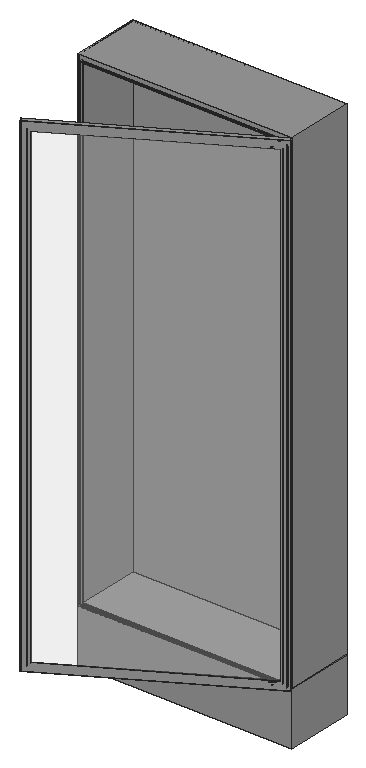
Revit family "Hager-Univers-IP55-D275-H2050-Cl.I-Steel_encl-NoHosted-SE-en", category Equipement électrique, Revit 2020
Family settings
  Configuration du panneau = Deux colonnes, circuits au sein
  Cote de connecteur circulaire = Utiliser le diamètre
  Type d'élément = Tableau de raccordement
  Basée sur le plan de construction = Oui
  Toujours verticalement = Oui
  Couper avec des vides une fois chargée = Non
  Partagée = Non
  Point de calcul de pièce = Non
Parameters (values of type "Floor installation IP55 W800 H2050 D275  - FR23K2")
  Width Control [instance] = if([EF000008 - Width] > Min Width, [EF000008 - Width], Min Width)  # 800 mm
  Commentaires du type = [HG000003 - Range]  # "Univers"
  Thickness Door [instance] = if([EF009171 - Material plate thickness door/cover] > 3 mm, 3 mm, [EF009171 - Material plate thickness door/cover])  # 1.5 mm
  Seal Frame Offset [instance] = 17 mm  # constant formula
  Plinth Visibility [instance] = [HG000027 - Plinth height] > 0 mm  # yes
  Min Width [instance] = 100 mm  # constant formula
  Min Depth [instance] = (2 * [EF009170 - Material plate thickness cabinet]) + 1 mm  # 4 mm
  Min Height [instance] = 100 mm  # constant formula
  Internal Frame Depth [instance] = (Door System Depth * 0.5)  # 9 mm
  Panel Name [instance] = ""  # (empty or 0)
  Model = ""
  HG000027 - Plinth height = 200 mm
  HG000026 - Floor standing = yes
  HG000024 - Bottom section height = 600 mm
  HG000023 - Double section enclosure = no
  HG000016 - Door 3d visibility [instance] = yes
  HG000015 - Clearance visibility [instance] = no
  HG000014 - Door on the right [instance] = yes
  HG000013 - Door on the left [instance] = not([HG000014 - Door on the right])  # no
  HG000012 - Door swing angle [instance] = 30.00°
  HG000010 - Asymmetric doors = no
  HG000009 - Double swing door = no
  HG000006 - Flush mounted = no
  HG000004 - Manufacturer reference = "FR23K2"
  HG000003 - Range = "Univers"
  HG000002 - With door or cover = yes
  Frame Offset Bottom [instance] = 10 mm  # constant formula
  Frame Offset [instance] = 15 mm  # constant formula
  EF015940 - Cover with overpressure release = no
  EF011959 - Degree of protection (NEMA) = ""
  EF009554 - Number of openings for flange plates = 6
  EF009212 - Cover model = "EV000116 - Closed"
  EF009171 - Material plate thickness door/cover = 1.5 mm
  EF009170 - Material plate thickness cabinet = 1.5 mm
  EF008873 - Nominal current (In) = 800 A
  EF007800 - Suitable for lightning protection = no
  EF006306 - With lock = no
  EF006244 - Transparent cover/door = yes
  EF005474 - Degree of protection (IP) = "EV006420 - IP55"
  EF004464 - Type of door = "EV002646 - Single"
  EF004427 - Number of modules = 432
  EF004293 - Impact strength = "EV008784 - IK10"
  EF003532 - Suitable for outdoor use = no
  EF002950 - Width in number of modular spacings = 24
  EF001613 - Circuit integrity = "EV000494 - None"
  EF001596 - Material housing = "EV000179 - Steel"
  EF001131 - Internal depth = 275 mm
  EF001088 - Extension possible = yes
  EF000437 - Number of conduit inlets = 6
  EF000339 - Type of cover = "EV004216 - Door"
  EF000266 - Number of rows = 12
  EF000218 - Built-in depth = 0 mm
  EF000118 - With mounting plate = no
  EF000116 - RAL-number = "7035"
  EF000049 - Depth = 275 mm
  EF000040 - Height = 2050 mm
  EF000008 - Width = 800 mm
  EF000007 - Colour = "EV000270 - Grey"
  EF000003 - Mounting method = "EV012274 - Floor installation"
  Door System Leaf Tolerance [instance] = 1.5 mm  # constant formula
  Door System Depth [instance] = 18 mm  # constant formula
  Door Height [instance] = Height Control - [HG000027 - Plinth height]  # 1850 mm
  Description = ""
  Default Elevation = 1219.2 mm
  Connector Offset [instance] = Height Control / 2  # 1025 mm
  Fabricant = "Hager"  # constant formula
  Height Control [instance] = if([EF000040 - Height] > Min Height, [EF000040 - Height], Min Height)  # 2050 mm
  Depth Control [instance] = if([EF000049 - Depth] > Min Depth, [EF000049 - Depth], Min Depth)  # 275 mm
  Bottom Top Plate Trim [instance] = 1.5 mm  # constant formula
  Plinth height Ctrl [instance] = if([HG000027 - Plinth height] > 0 mm, [HG000027 - Plinth height], 12 mm)  # 200 mm
Types (11, lengths in mm): name | Width Control | HG000010 - Asymmetric doors | HG000009 - Double swing door | HG000004 - Manufacturer reference | EF009554 - Number of openings for flange plates | EF006244 - Transparent cover/door | EF004464 - Type of door | EF004427 - Number of modules | EF000437 - Number of conduit inlets | EF000008 - Width
  Floor installation IP55 W1050 H2050 D275  - FR24E2 | 1050 | yes | yes | "FR24E2" | 8 | no | "EV003602 - Double" | 576 | 8 | 1050
  Floor installation IP55 W1050 H2050 D275  - FR24K2 | 1050 | yes | yes | "FR24K2" | 8 | yes | "EV003602 - Double" | 576 | 8 | 1050
  Floor installation IP55 W1300 H2050 D275  - FR25E2 | 1300 | yes | yes | "FR25E2" | 10 | no | "EV003602 - Double" | 720 | 10 | 1300
  Floor installation IP55 W1300 H2050 D275  - FR25K2 | 1300 | yes | yes | "FR25K2" | 10 | yes | "EV003602 - Double" | 720 | 10 | 1300
  Floor installation IP55 W1550 H2050 D275  - FR26E2 | 1550 | yes | yes | "FR26E2" | 12 | no | "EV003602 - Double" | 864 | 12 | 1550
  Floor installation IP55 W1550 H2050 D275  - FR26K2 | 1550 | yes | yes | "FR26K2" | 12 | yes | "EV003602 - Double" | 864 | 12 | 1550
  Floor installation IP55 W300 H2050 D275  - FR21E2 | 300 | no | no | "FR21E2" | 2 | no | "EV002646 - Single" | 144 | 2 | 300
  Floor installation IP55 W550 H2050 D275  - FR22E2 | 550 | no | no | "FR22E2" | 4 | no | "EV002646 - Single" | 288 | 4 | 550
  Floor installation IP55 W550 H2050 D275  - FR22K2 | 550 | no | no | "FR22K2" | 4 | yes | "EV002646 - Single" | 288 | 4 | 550
  Floor installation IP55 W800 H2050 D275  - FR23E2 | 800 | no | no | "FR23E2" | 6 | no | "EV002646 - Single" | 432 | 6 | 800
  Floor installation IP55 W800 H2050 D275  - FR23K2 | 800 | no | no | "FR23K2" | 6 | yes | "EV002646 - Single" | 432 | 6 | 800
Reference planes
  plane 1 "Center (Front/Back)": y = 0
  plane 2: z = 0
  plane 3 "Center (Left/Right)": x = 0
  plane 4: y = 0
  plane 5: y = 0
  plane 6: z = 0
  plane 7: x = -400
  plane 8: x = 400
  plane 9: x = 398.5
  plane 10: x = -398.5
  plane 11: z = 200
  plane 12: z = 201.5
  plane 13: y = -275
  plane 14: y = -1.5
  plane 15: x = 0
  plane 16: y = -257
  plane 17: y = -273.5
  plane 18: y = -255.5
  plane 19: x = -383.5
  plane 20: x = 383.5
  plane 21: z = 211.5
  plane 22: x = -383
  plane 23: x = 383
  plane 24: z = 200
  plane 25: z = 2050
  plane 26: z = 2050
  plane 27: z = 2033.5
  plane 28: z = 2048.5
Forms (mm)
  Extrusion 1, solid, material "Hager_Steel_RAL7035_Light_Grey", detail levels medium+fine
    sketch origin (-208.679, -4572, 200) x (-1, 0, 0) y (0, -1, 0)
      loop
        line (191.321, -4315) -> (-608.679, -4315) -> (-608.679, -4572) -> (191.321, -4572) -> (191.321, -4315)
    from 0 to 1850
  Extrusion 2, void
    sketch origin (-350.771, -275, 1219.2) x (1, 0, 0) y (0, 0, 1)
      loop
        line (-47.729, 829.3) -> (-47.729, -1017.7) -> (749.271, -1017.7) -> (749.271, 829.3) -> (-47.729, 829.3)
    from -19.5 to -273.5
  Extrusion 3, void
    sketch origin (-290.084, -257, 1219.2) x (1, 0, 0) y (0, 0, 1)
      loop
        line (-93.416, -1007.7) -> (673.584, -1007.7) -> (673.584, 814.3) -> (-93.416, 814.3) -> (-93.416, -1007.7)
    from 0 to -1.5
  Extrusion 4, solid, material "Hager_Steel_RAL7035_Light_Grey", visible <- "Plinth Visibility", detail levels medium+fine
    sketch origin (0, 0, 0) x (1, 0, 0) y (0, 1, 0)
      loop
        line (-400, 0) -> (-400, -257) -> (400, -257) -> (400, 0) -> (-400, 0)
    from 0 to 200 <- "Plinth height Ctrl"
  Extrusion 5, solid, material "Hager_Steel_RAL7035_Light_Grey", detail levels coarse
    sketch origin (0, 0, 0) x (1, 0, 0) y (0, 1, 0)
      loop
        line (-400, 0) -> (-400, -275) -> (400, -275) -> (400, 0) -> (-400, 0)
    from 0 to 2050 <- "Height Control"
  Sweep 6, void
    path in 3D
      loop
        line (-400, -257, 200) -> (400, -257, 200) -> (400, 0, 200) -> (-400, 0, 200) -> (-400, -257, 200)
    profile origin (-400, -128.5, 200) x (1, 0, 0) y (0, 0, 1)
      loop
        line (0, 0) -> (0, -1.5) -> (1.5, -1.5)
        arc (1.5, -1.5) -> (1.061, -0.439) -> (0, 0) r 1.5
  Extrusion 7, solid, material "Hager_Steel_RAL7035_Light_Grey", detail levels fine
    sketch origin (-400, -257, 200) x (1, 0, 0) y (0, 0, 1)
      loop
        line (16.5, 11.5) -> (783.5, 11.5) -> (783.5, 1833.5) -> (16.5, 1833.5) -> (16.5, 11.5)
      loop
        line (15, 10) -> (785, 10) -> (785, 1835) -> (15, 1835) -> (15, 10)
    from 0 to 9 <- "Internal Frame Depth"
Cuts and joins
  Extrusion 2, Extrusion 3 cuts Extrusion 1
  Sweep 6 cuts Extrusion 4
Lines and regions (mm)
  Masking region 1
    outline origin (0, 0, 0) x (1, 0, 0) y (0, 1, 0)
      loop
        line (-400, 0) -> (-400, -275) -> (400, -275) -> (400, 0) -> (-400, 0)
  Masking region 2, detail levels coarse
    outline origin (-290.084, -257, 1219.2) x (-1, 0, 0) y (0, 0, 1)
      loop
        line (-690.084, -1219.2) -> (109.916, -1219.2) -> (109.916, 830.8) -> (-690.084, 830.8) -> (-690.084, -1219.2)
  Masking region 3, detail levels coarse
    outline origin (0, 0, 0) x (0, 1, 0) y (0, 0, 1)
      loop
        line (0, 0) -> (0, 2050) -> (-275, 2050) -> (-275, 0) -> (0, 0)
  Masking region 4, visible <- "Plinth Visibility", detail levels medium+fine
    outline origin (0, 0, 0) x (0, 1, 0) y (0, 0, 1)
      loop
        line (-1.5, 200) -> (-255.5, 200)
        arc (-255.5, 200) -> (-255.939, 198.939) -> (-257, 198.5) r 1.5
        line (-257, 198.5) -> (-257, 0) -> (0, 0) -> (0, 198.5)
        arc (0, 198.5) -> (-1.061, 198.939) -> (-1.5, 200) r 1.5
  Masking region 5, detail levels medium+fine
    outline origin (0, 0, 594.038) x (0, 1, 0) y (0, 0, 1)
      loop
        line (0, -394.038) -> (0, 1455.962) -> (-257, 1455.962) -> (-257, -394.038) -> (0, -394.038)
  Masking region 6, detail levels medium+fine
    outline origin (-359.7, -257, 1211.883) x (-1, 0, 0) y (0, 0, 1)
      loop
        line (-759.7, -1011.883) -> (40.3, -1011.883) -> (40.3, 838.117) -> (-759.7, 838.117) -> (-759.7, -1011.883)
  Masking region 7, visible <- "Plinth Visibility", detail levels medium+fine
    outline origin (-320.334, -257, 1041.368) x (-1, 0, 0) y (0, 0, 1)
      loop
        line (-720.334, -1041.368) -> (79.666, -1041.368) -> (79.666, -842.868)
        arc (79.666, -842.868) -> (78.606, -842.429) -> (78.166, -841.368) r 1.5
        line (78.166, -841.368) -> (-718.834, -841.368)
        arc (-718.834, -841.368) -> (-719.273, -842.429) -> (-720.334, -842.868) r 1.5
        line (-720.334, -842.868) -> (-720.334, -1041.368)
  sketch lines
    curve 1: line (-400, 0, 200) -> (-400, -257, 200)
    curve 2: line (-400, -257, 200) -> (400, -257, 200)
    curve 3: line (400, 0, 200) -> (-400, 0, 200)
    curve 4: line (400, -257, 200) -> (400, 0, 200)
Dimensions and locks
  locked: plane 1 "Center (Front/Back)" to plane 5
  "EF009170 - Material plate thickness cabinet": plane 7 to plane 10
  "EF009170 - Material plate thickness cabinet": plane 8 to plane 9
  equal spacing: plane 7, plane 3 "Center (Left/Right)", plane 8
  "Width Control": plane 7 to plane 8
  "Depth Control": plane 4 to plane 13
  "EF009170 - Material plate thickness cabinet": plane 4 to plane 14
  "Height Control": plane 25 to level
  "HG000027 - Plinth height": plane 11 to level
  "EF009170 - Material plate thickness cabinet": plane 12 to plane 11
  "EF009170 - Material plate thickness cabinet": plane 17 to plane 13
  "EF009170 - Material plate thickness cabinet": plane 18 to plane 16
  "Frame Offset Bottom": plane 21 to plane 12
  "Frame Offset": plane 10 to plane 19
  "Frame Offset": plane 9 to plane 20
  "Door System Depth": plane 16 to plane 13
  "Seal Frame Offset": plane 7 to plane 22
  "Seal Frame Offset": plane 8 to plane 23
  "EF009170 - Material plate thickness cabinet": plane 26 to plane 28
  "Frame Offset": plane 28 to plane 27
  "Connector Offset": plane 2 to connector elem
  "Bottom Top Plate Trim": profile plane to Sweep 6 sketch curve
  "Bottom Top Plate Trim": Sweep 6 sketch curve to Sweep 6 sketch curve
  "Plinth height Ctrl": Masking region 4 sketch curve to level
  "Plinth height Ctrl": Masking region 7 sketch curve to level
  "Thickness Door": Extrusion 7 sketch curve to Extrusion 7 sketch curve  (x4)
  "Bottom Top Plate Trim": radius of Sweep 6 sketch curve
  "Bottom Top Plate Trim": radius of Masking region 4 sketch curve  (x2)
  "Bottom Top Plate Trim": radius of Masking region 7 sketch curve  (x2)
  aligned and locked: Extrusion 2 sketch curve to plane 12
  aligned and locked: Extrusion 2 sketch curve to plane 9
  aligned and locked: Extrusion 2 sketch curve to plane 10
  aligned and locked: Extrusion 2 to plane 14
  aligned and locked: Extrusion 1 sketch curve to plane 4
  aligned and locked: plane 8 to Extrusion 1 sketch curve
  aligned and locked: plane 7 to Extrusion 1 sketch curve
  aligned and locked: Extrusion 2 to plane 18
  aligned and locked: Extrusion 3 sketch curve to plane 19
  aligned and locked: plane 20 to Extrusion 3 sketch curve
  aligned and locked: Extrusion 3 to Extrusion 2
  aligned and locked: Extrusion 3 sketch curve to plane 21
  aligned and locked: plane 3 "Center (Left/Right)" to nested 1
  aligned and locked: Extrusion 1 sketch curve to plane 16
  aligned and locked: Extrusion 4 sketch curve to cut or joined group of Extrusion 1, Extrusion 2, Extrusion 3
  aligned and locked: Masking region 1 sketch curve to plane 7
  aligned and locked: Masking region 1 sketch curve to plane 5
  aligned and locked: Masking region 1 sketch curve to plane 8
  aligned and locked: Masking region 2 sketch curve to level
  aligned and locked: level to Masking region 3 sketch curve
  aligned and locked: plane 1 "Center (Front/Back)" to Masking region 3 sketch curve
  aligned and locked: plane 13 to Masking region 3 sketch curve
  aligned and locked: plane 5 to Masking region 4 sketch curve
  aligned and locked: Masking region 2 sketch curve to plane 8
  aligned and locked: Masking region 2 sketch curve to plane 7
  aligned and locked: plane 7 to nested 2
  aligned and locked: nested 2 to plane 5
  aligned and locked: plane 5 to Masking region 5 sketch curve
  aligned and locked: plane 26 to Masking region 5 sketch curve
  aligned and locked: Extrusion 5 sketch curve to plane 8
  aligned and locked: Extrusion 5 sketch curve to plane 7
  aligned and locked: Extrusion 5 sketch curve to plane 5
  aligned and locked: Extrusion 3 sketch curve to plane 27
  aligned and locked: Extrusion 2 sketch curve to plane 28
  aligned and locked: Masking region 2 to plane 25
  aligned and locked: Extrusion 4 to plane 16
  aligned and locked: profile plane to Sweep 6 sketch curve
  aligned and locked: Masking region 5 sketch curve to plane 24
  aligned and locked: level to Masking region 4 sketch curve
  aligned and locked: Masking region 1 to plane 13
  aligned and locked: nested 1 to plane 16
  aligned and locked: Masking region 3 to plane 25
  aligned and locked: plane 16 to Masking region 4 sketch curve
  aligned and locked: Masking region 5 sketch curve to plane 16
  aligned and locked: plane 24 to plane 11
  aligned and locked: plane 26 to plane 25
  aligned and locked: plane 26 to cut or joined group of Extrusion 1, Extrusion 2, Extrusion 3
  aligned and locked: nested 1 to plane 24
  aligned and locked: Extrusion 1 to Extrusion 3
  aligned and locked: Masking region 6 sketch curve to plane 8
  aligned and locked: Masking region 6 sketch curve to plane 24
  aligned and locked: Masking region 6 sketch curve to plane 7
  aligned and locked: Masking region 6 sketch curve to plane 26
  aligned and locked: Masking region 7 sketch curve to plane 7
  aligned and locked: level to Masking region 7 sketch curve
  aligned and locked: Masking region 7 sketch curve to plane 8
  aligned and locked: Extrusion 7 sketch curve to cut or joined group of Extrusion 1, Extrusion 2, Extrusion 3  (x4)
Automatic sketch dimensions
  plane 19 to Extrusion 3 sketch curve = 0 mm
  Extrusion 3 sketch curve to plane 20 = 0 mm
  Extrusion 3 sketch curve to plane 21 = 0 mm
  Extrusion 4 sketch curve to plane 7 = 0 mm
  Extrusion 4 sketch curve to plane 8 = 0 mm
  Extrusion 4 sketch curve to plane 16 = 0 mm
  Masking region 1 sketch curve to plane 13 = 0 mm
  Masking region 2 sketch curve to plane 25 = 0 mm
  Masking region 3 sketch curve to plane 25 = 0 mm
  Extrusion 5 sketch curve to plane 13 = 0 mm
  profile plane to Sweep 6 sketch curve = 0 mm
Nested families
  nested 1: "EC000058_Univers_Door" at (0, -257, 200), Double <- "HG000009 - Double swing door", Transparent <- "EF006244 - Transparent cover/door", Angle <- "HG000012 - Door swing angle", Door_Right <- "HG000014 - Door on the right", Assymetrical <- "HG000010 - Asymmetric doors", Door <- "HG000002 - With door or cover", Width_Ctrl <- "Width Control", 3d_Door <- "HG000016 - Door 3d visibility", Clearance <- "HG000015 - Clearance visibility", Door_Left <- "HG000013 - Door on the left", Width <- "Width Control", Door_Depth <- "Door System Depth", Leaf_Tolerance <- "Door System Leaf Tolerance", Height <- "Door Height", Lock_Visibility <- "EF006306 - With lock", Thickness <- "Thickness Door", type "EC000058_Univers_Door", detail levels medium+fine
    with min_wh 4 mm, Width_Ctrl 800 mm, Width 800 mm, Transparent yes, Thickness 1.5 mm, Seal_Material Hager_Rubber, Lock_Visibility no, Lock_Material Hager_Plastic_RAL9005_Jet_Black, Leaf_Width 800 mm, Leaf_Tolerance_External_Sides 0 mm, Leaf_Tolerance 1.5 mm, Leaf_Offset 0 mm, Leaf_Height 1847 mm, Leaf_2_Width 800 mm, Leaf_2_Offset 400 mm, Leaf_1_Width 800 mm, Leaf_1_Offset 400 mm, Height_Ctrl 1850 mm, Height 1850 mm, Glass_Material Hager_Glass, Double_Clearance_Ctrl no, Double no, Door_Right_Ctrl yes, Door_Right yes, Door_Material Hager_Steel_RAL7035_Light_Grey, Door_Left_Ctrl no, Door_Left no, Door_Depth 18 mm, Door yes, Clearance_Material Hager_Clearance, Clearance_Depth 800 mm, Clearance_Ctrl no, Clearance no, Assymetrical no, Angle 30.00°, 3d_Door yes
  nested 2: "Hager_Enclosure_Symbol" at (-400, 0, 0), Height <- "Depth Control", Width <- "Width Control", type "Hager_Enclosure_Symbol"
    with Width_Ctrl 800 mm, Width 800 mm, Height_Ctrl 275 mm, Height 275 mm, A_Width_Int 18.047 mm, A_Width 216.562 mm, A_Height_Ctrl 240.625 mm, A_Height 240.625 mm
Connectors
  electrical at (0, 0, 1025)
    settings: on plane 1 "Center (Front/Back)", index 1, voltage 0 V, apparent load 0 VA, apparent load phase1 0 VA, apparent load phase2 0 VA, apparent load phase3 0 VA, power factor 1, load classification "Other", number of poles 1, system type 30, power factor state 1, is connector primary yes, connector utility no, sub classification motor no, connector description ""
Definition of nested family "EC000058_Univers_Door"
  Parameters (values of type "EC000058_Univers_Door")
    min_wh [instance] = (2 * Thickness) + 1 mm  # 11 mm
    Width_Ctrl [instance] = 400 mm
    Width [instance] = 500 mm
    Transparent [instance] = yes
    Thickness [instance] = 5 mm
    Seal_Material [instance] = none
    Lock_Visibility [instance] = yes
    Lock_Material [instance] = none
    Leaf_Width [instance] = if((Width_Ctrl - 2 * Leaf_Tolerance_External_Sides) > 0 mm, (Width_Ctrl - 2 * Leaf_Tolerance_External_Sides), min_wh)  # 400 mm
    Leaf_Tolerance_External_Sides [instance] = 0 mm  # constant formula
    Leaf_Tolerance [instance] = 1.5 mm
    Leaf_Offset [instance] = 0 mm  # constant formula
    Leaf_Height [instance] = if((Height_Ctrl - 2 * Leaf_Tolerance) > 0 mm, (Height_Ctrl - 2 * Leaf_Tolerance), min_wh)  # 497 mm
    Leaf_2_Width [instance] = if(and(and(Double, Assymetrical), Door_Left), (Leaf_Width / 3) - (Leaf_Tolerance / 2), if(and(and(Double, Assymetrical), Door_Right), (Leaf_Width / 3) * 2 - (Leaf_Tolerance / 2), if(and(Double, not(Assymetrical)), (Leaf_Width / 2) - Leaf_Tolerance, Leaf_Width)))  # 400 mm
    Leaf_2_Offset [instance] = if(and(Double, Assymetrical), Leaf_2_Width / 2, if(and(Double, not(Assymetrical)), Leaf_Width / 4, Leaf_Width / 2))  # 200 mm
    Leaf_1_Width [instance] = if(and(and(Double, Assymetrical), Door_Right), (Leaf_Width / 3) - (Leaf_Tolerance / 2), if(and(and(Double, Assymetrical), Door_Left), (Width / 3) * 2 - (Leaf_Tolerance / 2), if(and(Double, not(Assymetrical)), (Leaf_Width / 2) - Leaf_Tolerance, Leaf_Width)))  # 400 mm
    Leaf_1_Offset [instance] = if(and(Double, Assymetrical), Leaf_1_Width / 2, if(and(Double, not(Assymetrical)), Leaf_Width / 4, Leaf_Width / 2))  # 200 mm
    Height_Ctrl [instance] = if(Height > min_wh, Height, min_wh)  # 500 mm
    Height [instance] = 500 mm
    Glass_Material [instance] = none
    Double_Clearance_Ctrl [instance] = and(Double, Clearance)  # no
    Double [instance] = no
    Door_Right_Ctrl [instance] = and(or(Door_Right, Double), Door)  # yes
    Door_Right [instance] = yes
    Door_Material [instance] = none
    Door_Left_Ctrl [instance] = and(or(Door_Left, Double), Door)  # no
    Door_Left [instance] = no
    Door_Depth [instance] = 30 mm
    Door [instance] = yes
    Default Elevation = 1219.2 mm
    Clearance_Material [instance] = none
    Clearance_Depth [instance] = if(Leaf_1_Width > Leaf_2_Width, Leaf_1_Width, Leaf_2_Width)  # 400 mm
    Clearance_Ctrl [instance] = and(not(Double), Clearance)  # yes
    Clearance [instance] = yes
    Assymetrical [instance] = yes
    Angle [instance] = 30.00°
    3d_Door [instance] = yes
  Reference planes
    plane 1 "Center (Front/Back)": y = 0
    plane 2 "Bottom": z = 0
    plane 3 "Center (Left/Right)": x = 0
    plane 4: z = 500
    plane 5: x = -200
    plane 6: x = 200
    plane 7: z = 500
    plane 8: x = -200
    plane 9: z = 0
    plane 10: x = 200
    plane 11: y = 0
    plane 12: z = 1.5
    plane 13: x = -600
    plane 14: y = -400
    plane 15: x = 600
    plane 16: x = 0
    plane 17: x = 0
    plane 18: x = -200
    plane 19: x = 200
    plane 20: z = 498.5
  Forms (mm)
    Extrusion 1, solid, material <- "Clearance_Material", visible <- "Double_Clearance_Ctrl"
      sketch origin (1200, 0, 0) x (1, 0, 0) y (0, 0, -1)
        loop
          line (-1800, -498.5) -> (-600, -498.5) -> (-600, 0) -> (-1800, 0) -> (-1800, -498.5)
      from 0 to -400
  Dimensions and locks
    equal spacing: plane 5, plane 3 "Center (Left/Right)", plane 6
    "Width_Ctrl": plane 5 to plane 6
    "Leaf_Offset": plane 5 to plane 8
    "Leaf_Offset": plane 6 to plane 10
    "Leaf_Offset": plane 9 to level
    "Leaf_Offset": plane 4 to plane 7
    "Height_Ctrl": plane 4 to level
    "Leaf_Tolerance": plane 12 to plane 9
    locked: plane 11 to plane 1 "Center (Front/Back)"
    "Leaf_1_Offset": plane 18 to plane 16
    "Leaf_2_Offset": plane 17 to plane 19
    "Leaf_1_Width": plane 13 to plane 8
    "Leaf_2_Width": plane 10 to plane 15
    "Clearance_Depth": plane 14 to plane 1 "Center (Front/Back)"
    "Leaf_Tolerance_External_Sides": plane 8 to plane 18
    "Leaf_Tolerance_External_Sides": plane 19 to plane 10
    "Leaf_Tolerance": plane 7 to plane 20
    aligned and locked: level to plane 2 "Bottom"
    aligned and locked: nested 1 to plane 16
    aligned and locked: nested 2 to plane 17
    aligned and locked: Extrusion 1 to plane 13
    aligned and locked: plane 15 to Extrusion 1
    aligned and locked: Extrusion 1 to plane 14
    aligned and locked: plane 12 to nested 1
    aligned and locked: nested 2 to plane 12
    aligned and locked: Extrusion 1 to plane 11
    aligned and locked: plane 20 to Extrusion 1
    aligned and locked: nested 2 to plane 11
    aligned and locked: nested 1 to plane 11
  Automatic sketch dimensions
    Extrusion 1 sketch curve to level = 0 mm
    plane 5 to Extrusion 1 sketch curve = 400 mm
    plane 6 to Extrusion 1 sketch curve = 400 mm
    Extrusion 1 sketch curve to plane 4 = 1.5 mm
  Nested families
    nested 1: "EC000058_Univers_Door_Leaf" at (0, 0, 1.5), Width <- "Leaf_1_Width", visible <- "Door_Left_Ctrl", Leaf_Height <- "Leaf_Height", Angle <- "Angle", 3d_Door <- "3d_Door", Transparent <- "Transparent", Clearance Material <- "Clearance_Material", Clearance <- "Clearance_Ctrl", Door_Material <- "Door_Material", Glass_Material <- "Glass_Material", Door_Depth <- "Door_Depth", Lock_Material <- "Lock_Material", Seal_Material <- "Seal_Material", Lock_Visibility <- "Lock_Visibility", Thickness <- "Thickness", type "EC000058_Univers_Door_Leaf"
      with Width 400 mm, Transparent_Glass_Offset 30 mm, Transparent_Ctrl yes, Transparent yes, Thickness 5 mm, Standard no, Seal_Material none, Seal_D2 8 mm, Seal_D1 1 mm, Offset_Internal_Frame 10 mm, Lock_Width 20 mm, Lock_Visibility_3d yes, Lock_Visibility yes, Lock_Thickness_3 3 mm, Lock_Thickness_2 1 mm, Lock_Thickness_1 3 mm, Lock_Radius_Offset_2 16 mm, Lock_Radius_Offset_1 15 mm, Lock_Radius_2 5 mm, Lock_Radius 6 mm, Lock_Offset 5 mm, Lock_Material none, Lock_Height 80 mm, Lock_Cover_Top_Offset_2d 17 mm, Lock_Cover_Height -65 mm, Leaf_Height 497 mm, Internal_Seal_Thickness 8 mm, Internal_Seal_Depth_2 4.5 mm, Internal_Frame_Depth 25 mm, Glass_Thickness -1 mm, Glass_Offset -2 mm, Glass_Material none, Door_Material none, Door_Depth 30 mm, Clearance Material none, Clearance yes, Angle_Ctrl 30.00°, Angle 30.00°, 3d_Door yes
    nested 2: "EC000058_Univers_Door_Leaf" at (0, 0, 1.5) x (-1, 0, 0) z (0, 0, 1), Width <- "Leaf_2_Width", visible <- "Door_Right_Ctrl", Leaf_Height <- "Leaf_Height", Angle <- "Angle", 3d_Door <- "3d_Door", Transparent <- "Transparent", Clearance Material <- "Clearance_Material", Clearance <- "Clearance_Ctrl", Door_Material <- "Door_Material", Glass_Material <- "Glass_Material", Door_Depth <- "Door_Depth", Lock_Material <- "Lock_Material", Seal_Material <- "Seal_Material", Lock_Visibility <- "Lock_Visibility", Thickness <- "Thickness", type "EC000058_Univers_Door_Leaf"
      with Width 400 mm, Transparent_Glass_Offset 30 mm, Transparent_Ctrl yes, Transparent yes, Thickness 5 mm, Standard no, Seal_Material none, Seal_D2 8 mm, Seal_D1 1 mm, Offset_Internal_Frame 10 mm, Lock_Width 20 mm, Lock_Visibility_3d yes, Lock_Visibility yes, Lock_Thickness_3 3 mm, Lock_Thickness_2 1 mm, Lock_Thickness_1 3 mm, Lock_Radius_Offset_2 16 mm, Lock_Radius_Offset_1 15 mm, Lock_Radius_2 5 mm, Lock_Radius 6 mm, Lock_Offset 5 mm, Lock_Material none, Lock_Height 80 mm, Lock_Cover_Top_Offset_2d 17 mm, Lock_Cover_Height -65 mm, Leaf_Height 497 mm, Internal_Seal_Thickness 8 mm, Internal_Seal_Depth_2 4.5 mm, Internal_Frame_Depth 25 mm, Glass_Thickness -1 mm, Glass_Offset -2 mm, Glass_Material none, Door_Material none, Door_Depth 30 mm, Clearance Material none, Clearance yes, Angle_Ctrl 30.00°, Angle 30.00°, 3d_Door yes
  Definition of nested family "EC000058_Univers_Door_Leaf"
    Parameters (values of type "EC000058_Univers_Door_Leaf")
      Width [instance] = 2000 mm
      Transparent_Glass_Offset [instance] = 30 mm
      Transparent_Ctrl [instance] = and(Transparent, [3d_Door])  # yes
      Transparent [instance] = yes
      Thickness [instance] = 5 mm
      Standard [instance] = and(not(Transparent), [3d_Door])  # no
      Seal_Material [instance] = none
      Seal_D2 [instance] = 8 mm  # constant formula
      Seal_D1 [instance] = 1 mm  # constant formula
      Offset_Internal_Frame [instance] = 10 mm  # constant formula
      Lock_Width [instance] = 20 mm  # constant formula
      Lock_Visibility_3d [instance] = and(Lock_Visibility, [3d_Door])  # yes
      Lock_Visibility [instance] = yes
      Lock_Thickness_3 [instance] = 3 mm  # constant formula
      Lock_Thickness_2 [instance] = 1 mm  # constant formula
      Lock_Thickness_1 [instance] = 3 mm  # constant formula
      Lock_Radius_Offset_2 [instance] = Lock_Radius_Offset_1 + 1 mm  # 16 mm
      Lock_Radius_Offset_1 [instance] = 15 mm  # constant formula
      Lock_Radius_2 [instance] = Lock_Radius - 1 mm  # 5 mm
      Lock_Radius [instance] = 6 mm  # constant formula
      Lock_Offset [instance] = 5 mm  # constant formula
      Lock_Material [instance] = none
      Lock_Height [instance] = 80 mm  # constant formula
      Lock_Cover_Top_Offset_2d [instance] = Lock_Radius_Offset_2 + 1 mm  # 17 mm
      Lock_Cover_Height [instance] = -(Lock_Height - Lock_Radius_Offset_1)  # -65 mm
      Leaf_Height [instance] = 2720.336 mm
      Internal_Seal_Thickness [instance] = 8 mm  # constant formula
      Internal_Seal_Depth_2 [instance] = 4.5 mm  # constant formula
      Internal_Frame_Depth [instance] = if(Door_Depth - Thickness > 5 mm, Door_Depth - Thickness, 5 mm)  # 25 mm
      Glass_Thickness [instance] = if(Thickness > 15 mm, Glass_Offset + 10 mm, -1 mm)  # -1 mm
      Glass_Offset [instance] = if(Thickness > 15 mm, -(Thickness + 10 mm) / 2, -2 mm)  # -2 mm
      Glass_Material [instance] = none
      Door_Material [instance] = none
      Door_Depth [instance] = 30 mm
      Default Elevation = 0 mm
      Clearance Material [instance] = none
      Clearance [instance] = yes
      Angle_Ctrl [instance] = if(Angle > 180.00°, 180.00°, Angle)  # 90.00°
      Angle [instance] = 90.00°
      3d_Door [instance] = yes
    Reference planes
      plane 1 "Center (Front/Back)": y = 0
      plane 2: z = 0
      plane 3 "Center (Left/Right)": x = 0
      plane 4: y = 2000
      plane 5: x = -1000
      plane 6: x = 1000
      plane 7: x = -3000
      plane 8: z = 2720.336
      plane 9: z = 30
      plane 10: z = 2690.336
      plane 11: x = 970
      plane 12: x = -970
      plane 13: y = -3
      plane 14: z = 107.833
      plane 15: y = -5
      plane 16: y = -223.314
      plane 17: x = -1000
      plane 18: z = 1360.168
      plane 19: y = 30
    Forms (mm)
      Extrusion 1, solid, material <- "Clearance Material", visible <- "Clearance"
        sketch origin (0, 0, 0) x (1, 0, 0) y (0, 0, 1)
          loop
            line (-3000, 2720.336) -> (-3000, 0) -> (1000, 0) -> (1000, 2720.336) -> (-3000, 2720.336)
        from 0 to -2000
      Extrusion 2, solid, material <- "Door_Material", visible <- "Standard", detail levels medium+fine
        sketch origin (-1000, 0, 0) x (0, 1, 0) y (-1, 0, 0)
          loop
            line (0, 30) -> (0, 25) -> (2000, 25) -> (2000, 30) -> (0, 30)
        from 0 to 2720.336 <- "Leaf_Height"
      Extrusion 3, solid, material <- "Door_Material", visible <- "Transparent_Ctrl", detail levels medium+fine
        sketch origin (-1000, 0, 0) x (0, 1, 0) y (-1, 0, 0)
          loop
            line (0, 25) -> (2000, 25) -> (2000, 30) -> (0, 30) -> (0, 25)
        from 0 to 2720.336 <- "Leaf_Height"
      Extrusion 4, void
        sketch origin (-1025, 2000, 0) x (0, 1, 0) y (0, 0, -1)
          loop
            line (-30, -2690.336) -> (-30, -30) -> (-1970, -30) -> (-1970, -2690.336) -> (-30, -2690.336)
        from 0 to 5 <- "Thickness"
      Sweep 5, solid, material <- "Seal_Material", visible <- "Transparent_Ctrl", detail levels fine
        path in 3D
          loop
            line (-1025, 30, 30) -> (-1025, 30, 2690.336) -> (-1025, 1970, 2690.336) -> (-1025, 1970, 30) -> (-1025, 30, 30)
        profile origin (-1025, 1000, 30) x (1, 0, 0) y (0, 0, 1)
          loop
            line (0, 0) -> (0, -8) -> (1, -8) -> (1, 0) -> (0, 0)
      Extrusion 6, solid, material <- "Glass_Material", visible <- "Transparent_Ctrl", detail levels medium+fine
        sketch origin (-1030, 0, 0) x (0, 1, 0) y (0, 0, -1)
          loop
            line (1970, -2690.336) -> (1970, -30) -> (30, -30) -> (30, -2690.336) -> (1970, -2690.336)
        from -2 <- "Glass_Offset" to -1 <- "Glass_Thickness"
      Extrusion 7, solid, material <- "Door_Material", visible <- "3d_Door", detail levels medium+fine
        sketch origin (-1025, 2000, 0) x (0, -1, 0) y (0, 0, -1)
          loop
            line (0, -2720.336) -> (2000, -2720.336) -> (2000, 0) -> (0, 0) -> (0, -2720.336)
          loop
            line (1995, -5) -> (5, -5) -> (5, -2715.336) -> (1995, -2715.336) -> (1995, -5)
        from 0 to 25 <- "Internal_Frame_Depth"
      Sweep 8, solid, material <- "Seal_Material", visible <- "Transparent_Ctrl", detail levels fine
        path in 3D
          loop
            line (-1025, 0, 0) -> (-1025, 2000, 0) -> (-1025, 2000, 2720.336) -> (-1025, 0, 2720.336) -> (-1025, 0, 0)
        profile origin (-1025, 0, 1360.168) x (1, 0, 0) y (0, 1, 0)
          loop
            line (0, 10) -> (2.975, 10)
            arc (2.975, 10) -> (4.053, 10.447) -> (4.5, 11.525) r 1.525
            line (4.5, 11.525) -> (4.5, 16.527)
            arc (4.5, 16.527) -> (4.069, 17.569) -> (3.027, 18) r 1.473
            line (3.027, 18) -> (0, 18) -> (0, 10)
      Extrusion 9, solid, material <- "Lock_Material", visible <- "Lock_Visibility_3d", detail levels fine
        sketch origin (-1030, 0, 0) x (0, 1, 0) y (0, 0, -1)
          loop
            arc (1993.5, -1400.168) -> (1994.561, -1399.729) -> (1995, -1398.668) r 1.5
            line (1995, -1398.668) -> (1995, -1320.168) -> (1975, -1320.168) -> (1975, -1398.668)
            arc (1975, -1398.668) -> (1975.439, -1399.729) -> (1976.5, -1400.168) r 1.5
            line (1976.5, -1400.168) -> (1993.5, -1400.168)
        from 3 <- "Lock_Thickness_1" to 0
      Blend 10, solid, material <- "Lock_Material", visible <- "Lock_Visibility_3d", detail levels fine
        base sketch origin (-1033, 0, 0) x (0, 1, 0) y (0, 0, -1)
          loop
            line (1975, -1320.168) -> (1975, -1398.668)
            arc (1975, -1398.668) -> (1975.439, -1399.729) -> (1976.5, -1400.168) r 1.5
            line (1976.5, -1400.168) -> (1993.5, -1400.168)
            arc (1993.5, -1400.168) -> (1994.561, -1399.729) -> (1995, -1398.668) r 1.5
            line (1995, -1398.668) -> (1995, -1320.168) -> (1975, -1320.168)
        top sketch origin (-1033, 0, 0) x (0, 1, 0) y (0, 0, -1)
          loop
            line (1976, -1320.168) -> (1976, -1398.668)
            arc (1976, -1398.668) -> (1976.146, -1399.022) -> (1976.5, -1399.168) r 0.5
            line (1976.5, -1399.168) -> (1993.5, -1399.168)
            arc (1993.5, -1399.168) -> (1993.854, -1399.022) -> (1994, -1398.668) r 0.5
            line (1994, -1398.668) -> (1994, -1320.168) -> (1976, -1320.168)
        from 0 to 1 <- "Lock_Thickness_2"
      Blend 11, solid, material <- "Lock_Material", visible <- "Lock_Visibility_3d", detail levels fine
        base sketch origin (-1034, 0, 0) x (0, 1, 0) y (0, 0, -1)
          loop
            line (1978, -1320.168) -> (1978, -1384.168)
            arc (1978, -1384.168) -> (1985, -1391.168) -> (1992, -1384.168) r 7
            line (1992, -1384.168) -> (1992, -1320.168) -> (1978, -1320.168)
        top sketch origin (-1034, 0, 0) x (0, 1, 0) y (0, 0, -1)
          loop
            line (1991, -1320.168) -> (1979, -1320.168) -> (1979, -1383.168)
            arc (1979, -1383.168) -> (1985, -1389.168) -> (1991, -1383.168) r 6
            line (1991, -1383.168) -> (1991, -1320.168)
        from 0 to 3 <- "Lock_Thickness_3"
      Extrusion 12, solid, material <- "Lock_Material", visible <- "Lock_Visibility_3d", detail levels fine
        sketch origin (-1030, 1975, 1320.168) x (1, 0, 0) y (0, -1, 0)
          loop
            line (-7, -19) -> (-7, -1) -> (0, -1) -> (0, 0) -> (-8, 0) -> (-8, -20) -> (0, -20) -> (0, -19) -> (-7, -19)
        from 0 to -65 <- "Lock_Cover_Height"
      Extrusion 13, void
        sketch origin (-1038, 1995, 1320.168) x (-1, 0, 0) y (0, 0, -1)
          loop
            line (-5, -65) -> (0, -65) -> (-5, -60) -> (-5, -65)
        from 0 to 20 <- "Lock_Width"
      Extrusion 14, void
        sketch origin (-1038, 1975, 1320.168) x (0, -1, 0) y (0, 0, -1)
          loop
            circle (-10, -15.995) r 6
          loop
            circle (-10, -15.995) r 5
        from 0 to 2
      Extrusion 15, solid, material <- "Lock_Material", visible <- "Lock_Visibility_3d", detail levels medium
        sketch origin (-1030, 0, 0) x (0, 1, 0) y (0, 0, -1)
          loop
            arc (1993.5, -1400.168) -> (1994.561, -1399.729) -> (1995, -1398.668) r 1.5
            line (1995, -1398.668) -> (1995, -1320.168) -> (1975, -1320.168) -> (1975, -1398.668)
            arc (1975, -1398.668) -> (1975.439, -1399.729) -> (1976.5, -1400.168) r 1.5
            line (1976.5, -1400.168) -> (1993.5, -1400.168)
        from 8 to 0
    Cuts and joins
      Extrusion 4 cuts Extrusion 3
      Extrusion 13, Extrusion 14 cuts Extrusion 9
      Extrusion 14 cuts Blend 11
      Extrusion 13, Extrusion 14 cuts Extrusion 12
      joined: Extrusion 9, Blend 10, Blend 11, Extrusion 12
      Extrusion 14 cuts Extrusion 15
    Lines and regions (mm)
      Masking region 1, visible <- "Lock_Visibility", detail levels fine
        outline origin (0, 0, 0) x (0, 1, 0) y (0, 0, 1)
          loop
            line (30, 1320.168) -> (33, 1320.168) -> (33, 1400.168) -> (30, 1400.168) -> (30, 1320.168)
      Masking region 2, visible <- "Lock_Visibility", detail levels fine
        outline origin (0, 3.143, 0) x (0, 1, 0) y (0, 0, 1)
          loop
            line (29.857, 1354.168) -> (30.857, 1354.168) -> (30.857, 1366.168) -> (29.857, 1366.168) -> (29.857, 1354.168)
      Masking region 3, detail levels medium+fine
        outline origin (0, 0, 0) x (0, 1, 0) y (0, 0, 1)
          loop
            line (0, 0) -> (30, 0) -> (30, 2720.336) -> (0, 2720.336) -> (0, 0)
      Masking region 4, detail levels medium+fine
        outline origin (0, 0, 0) x (1, 0, 0) y (0, 0, 1)
          loop
            line (-1000, 2720.336) -> (-1000, 0) -> (1000, 0) -> (1000, 2720.336) -> (-1000, 2720.336)
      Masking region 5, visible <- "Lock_Visibility", detail levels fine
        outline origin (-47.116, 0, 0) x (1, 0, 0) y (0, 0, 1)
          loop
            arc (1024.616, 1399.168) -> (1023.556, 1398.729) -> (1023.116, 1397.668) r 1.5
            line (1023.116, 1397.668) -> (1023.116, 1320.168) -> (1041.116, 1320.168) -> (1041.116, 1397.668)
            arc (1041.116, 1397.668) -> (1040.677, 1398.729) -> (1039.616, 1399.168) r 1.5
            line (1039.616, 1399.168) -> (1024.616, 1399.168)
      Masking region 6, visible <- "Lock_Visibility", detail levels medium+fine
        outline origin (-25, 0, 0) x (1, 0, 0) y (0, 0, 1)
          loop
            arc (1001.5, 1400.168) -> (1000.439, 1399.729) -> (1000, 1398.668) r 1.5
            line (1000, 1398.668) -> (1000, 1320.168) -> (1020, 1320.168) -> (1020, 1398.668)
            arc (1020, 1398.668) -> (1019.561, 1399.729) -> (1018.5, 1400.168) r 1.5
            line (1018.5, 1400.168) -> (1001.5, 1400.168)
      Masking region 7, visible <- "Lock_Visibility", detail levels fine
        outline origin (-73.735, 0, 0) x (1, 0, 0) y (0, 0, 1)
          loop
            line (1051.735, 1382.168) -> (1065.735, 1382.168) -> (1065.735, 1384.168)
            arc (1065.735, 1384.168) -> (1058.735, 1391.168) -> (1051.735, 1384.168) r 7
            line (1051.735, 1384.168) -> (1051.735, 1382.168)
      Masking region 8, visible <- "Lock_Visibility", detail levels fine
        outline origin (-73.735, 0, 0) x (1, 0, 0) y (0, 0, 1)
          loop
            line (1052.735, 1382.168) -> (1064.735, 1382.168) -> (1064.735, 1383.168)
            arc (1064.735, 1383.168) -> (1058.735, 1389.168) -> (1052.735, 1383.168) r 6
            line (1052.735, 1383.168) -> (1052.735, 1382.168)
      Masking region 9, visible <- "Lock_Visibility", detail levels fine
        outline origin (-25, 0, 0) x (1, 0, 0) y (0, 0, 1)
          loop
            line (1020, 1320.168) -> (1020, 1382.168) -> (1000, 1382.168) -> (1000, 1320.168) -> (1020, 1320.168)
      Masking region 10, detail levels medium+fine
        outline origin (0, 0, 0) x (1, 0, 0) y (0, 0, 1)
          loop
            circle (985, 1335.144) r 6
      Masking region 11, detail levels fine
        outline origin (0, 0, 0) x (1, 0, 0) y (0, 0, 1)
          loop
            circle (985, 1335.144) r 5
      Masking region 12, visible <- "Lock_Visibility", detail levels fine
        outline origin (0, 12.767, 0) x (0, 1, 0) y (0, 0, 1)
          loop
            line (20.233, 1320.168) -> (21.233, 1320.168) -> (21.233, 1399.168) -> (20.233, 1400.168) -> (20.233, 1320.168)
      Masking region 13, visible <- "Lock_Visibility", detail levels fine
        outline origin (0, 13.767, -10) x (0, 1, 0) y (0, 0, 1)
          loop
            line (20.233, 1330.168) -> (23.233, 1330.168) -> (23.233, 1399.168) -> (20.233, 1402.168) -> (20.233, 1330.168)
      Masking region 14, visible <- "Lock_Visibility", detail levels fine
        outline origin (0, 12.767, -10) x (0, 1, 0) y (0, 0, 1)
          loop
            line (20.233, 1330.168) -> (25.233, 1330.168) -> (25.233, 1399.305) -> (20.233, 1394.305) -> (20.233, 1330.168)
      Masking region 15, visible <- "Lock_Visibility", detail levels medium
        outline origin (0, 0, 0) x (0, 1, 0) y (0, 0, 1)
          loop
            line (30, 1320.168) -> (38, 1320.168) -> (38, 1400.168) -> (30, 1400.168) -> (30, 1320.168)
      Masking region 16, visible <- "Lock_Visibility", detail levels fine
        outline origin (-1000, 0, 0) x (0, 1, 0) y (-1, 0, 0)
          loop
            line (1975, 30) -> (1995, 30) -> (1995, 38) -> (1975, 38) -> (1975, 30)
          loop
            line (1979, 37) -> (1976, 37) -> (1976, 34) -> (1978, 34) -> (1979, 37)
          loop
            line (1994, 37) -> (1991, 37) -> (1992, 34) -> (1994, 34) -> (1994, 37)
      Masking region 17, visible <- "Lock_Visibility", detail levels medium
        outline origin (-1000, 0, 0) x (0, 1, 0) y (-1, 0, 0)
          loop
            line (1975, 30) -> (1995, 30) -> (1995, 38) -> (1975, 38) -> (1975, 30)
      symbolic lines
        curve 1: line (1000, 0, 0) -> (-3000, 0, 0)
        curve 2: arc (1000, 0, 0) -> (-1000, 2000, 0) -> (-3000, 0, 0) r 2000
        curve 4: line (-1030, 0, 0) -> (-1030, 2000, 0)
      reference lines
        curve 3: line (-1000, 0, 0) -> (-1000, 2000, 0)
      symbolic lines, detail levels medium+fine
        curve 5: line (-1030, 2000, 0) -> (-1025, 2000, 0)
        curve 7: line (-1025, 0, 0) -> (-1030, 0, 0)
        curve 8: line (-1025, 0, 0) -> (-1000, 0, 0)
        curve 9: line (-1000, 0, 0) -> (-1000, 2000, 0)
        curve 10: line (-1000, 2000, 0) -> (-1025, 2000, 0)
      symbolic lines, detail levels fine
        curve 6: line (-1025, 2000, 0) -> (-1025, 0, 0)
      sketch lines
        curve 11: line (-1025, 0, 2720.336) -> (-1025, 0, 0)
        curve 12: line (-1025, 2000, 0) -> (-1025, 0, 0)
        curve 13: line (-1025, 2000, 2720.336) -> (-1025, 2000, 0)
        curve 14: line (-1025, 0, 2720.336) -> (-1025, 2000, 2720.336)
        curve 15: line (-1025, 1970, 30) -> (-1025, 30, 30)
        curve 16: line (-1025, 30, 30) -> (-1025, 30, 2690.336)
        curve 17: line (-1025, 1970, 2690.336) -> (-1025, 1970, 30)
        curve 18: line (-1025, 30, 2690.336) -> (-1025, 1970, 2690.336)
      symbolic lines, visible <- "Transparent", detail levels medium+fine
        curve 19: line (-970, 0, 2690.336) -> (970, 0, 2690.336)
        curve 20: line (-970, 0, 30) -> (-970, 0, 2690.336)
        curve 21: line (970, 0, 30) -> (-970, 0, 30)
        curve 22: line (970, 0, 2690.336) -> (970, 0, 30)
    Dimensions and locks
      "Width": plane 1 "Center (Front/Back)" to plane 4
      equal spacing: plane 5, plane 3 "Center (Left/Right)", plane 6
      "Width": plane 5 to plane 6
      "Width": plane 7 to plane 5
      "Leaf_Height": plane 8 to level
      "Width": curve 5 to curve 3
      "Width": curve 3 to curve 3
      plane 8 to plane 10 = 30 mm
      plane 9 to level = 30 mm
      plane 12 to plane 5 = 30 mm
      plane 6 to plane 11 = 30 mm
      Extrusion 1 to Extrusion 4 sketch curve = 30 mm
      "Transparent_Glass_Offset": curve 3 to Extrusion 4 sketch curve
      "Transparent_Glass_Offset": Extrusion 4 sketch curve to cut or joined group of Extrusion 3, Extrusion 4  (x2)
      cut or joined group of Extrusion 3, Extrusion 4 to Extrusion 6 sketch curve = 30 mm
      "Transparent_Glass_Offset": cut or joined group of Extrusion 3, Extrusion 4 to Extrusion 4 sketch curve
      "Thickness": curve 6 to curve 4
      "Thickness": Extrusion 7 sketch curve to Extrusion 7 sketch curve  (x4)
      "Door_Depth": curve 4 to curve 3
      "Offset_Internal_Frame": profile plane to Sweep 8 sketch curve
      "Internal_Seal_Thickness": Sweep 8 sketch curve to Sweep 8 sketch curve
      "Internal_Seal_Depth_2": profile plane to Sweep 8 sketch curve
      "Seal_D1": profile plane to Sweep 5 sketch curve
      "Seal_D2": profile plane to Sweep 5 sketch curve
      "Thickness": Extrusion 2 sketch curve to Extrusion 2 sketch curve
      equal spacing: Extrusion 9 sketch curve, plane 18, Extrusion 9 sketch curve  (x2)
      equal spacing: Masking region 1 sketch curve, plane 18, Masking region 1 sketch curve
      "Lock_Height": Masking region 1 sketch curve to Masking region 1 sketch curve
      "Lock_Radius": Masking region 2 sketch curve to plane 18 to Masking region 2 sketch curve
      Masking region 2 sketch curve to Masking region 1 = 1 mm
      "Door_Depth": plane 19 to plane 1 "Center (Front/Back)"
      "Lock_Thickness_1": Masking region 1 sketch curve to plane 19
      "Lock_Width": Extrusion 9 sketch curve to Extrusion 9 sketch curve
      "Lock_Height": Extrusion 9 sketch curve to Extrusion 9 sketch curve
      "Lock_Offset": cut or joined group of Extrusion 3, Extrusion 4 to Extrusion 9 sketch curve
      equal spacing: plane 8, plane 18, level
      "Lock_Radius_Offset_1": Blend 11 sketch curve to Blend 10
      locked: Blend 10 to Blend 11 sketch curve at 2  (x2)
      locked: var sketch to Blend 11 sketch curve at 1  (x2)
      "Lock_Radius_Offset_2": Blend 11 sketch curve to Blend 10
      locked: Extrusion 12 sketch curve to Extrusion 12 sketch curve at 1  (x3)
      Masking region 6 sketch curve to Masking region 6 sketch curve = 80 mm
      "Lock_Height": Masking region 6 sketch curve to Masking region 6 sketch curve
      "Lock_Width": Masking region 6 sketch curve to Masking region 6 sketch curve
      locked: Masking region 6 to Masking region 5 sketch curve at 1  (x3)
      locked: Masking region 5 to Masking region 7 sketch curve at 2  (x2)
      "Lock_Radius_Offset_1": Masking region 5 to Masking region 7 sketch curve
      "Lock_Radius_Offset_2": Masking region 5 to Masking region 8 sketch curve
      locked: Masking region 7 to Masking region 8 sketch curve at 1  (x2)
      "Lock_Cover_Top_Offset_2d": Masking region 5 to Masking region 9 sketch curve
      equal spacing: Masking region 9, Masking region 10 sketch curve, Masking region 9
      equal spacing: Masking region 9, Masking region 11 sketch curve, Masking region 9
      Extrusion 15 sketch curve to Extrusion 15 sketch curve = 80 mm
      "Lock_Width": Extrusion 15 sketch curve to Extrusion 15 sketch curve
      "Lock_Height": Extrusion 15 sketch curve to Extrusion 15 sketch curve
      equal spacing: Extrusion 15 sketch curve, plane 18, Extrusion 15 sketch curve
      "Lock_Thickness_3": Masking region 13 sketch curve to Masking region 13 sketch curve
      "Lock_Height": Masking region 12 sketch curve to Masking region 12 sketch curve
      locked: Masking region 13 sketch curve to Masking region 1 at 8
      locked: Masking region 14 sketch curve to Masking region 13 at 1
      locked: Masking region 14 sketch curve to Masking region 1 at 10.863
      "Lock_Height": Masking region 15 sketch curve to Masking region 15 sketch curve
      "Lock_Offset": Extrusion 15 sketch curve to cut or joined group of Extrusion 3, Extrusion 4
      "Lock_Offset": plane 6 to Masking region 6 sketch curve
      radius of Sweep 8 sketch curve = 1.525 mm
      radius of Sweep 8 sketch curve = 1.473 mm
      radius of Extrusion 9 sketch curve = 1.5 mm  (x2)
      "Lock_Radius": radius of Extrusion 14 sketch curve
      "Lock_Radius_2": radius of Extrusion 14 sketch curve
      "Lock_Radius": radius of Masking region 10 sketch curve
      "Lock_Radius_2": radius of Masking region 11 sketch curve
      radius of Extrusion 15 sketch curve = 1.5 mm  (x2)
      "Angle_Ctrl": angle plane 1 "Center (Front/Back)" to curve 3
      locked: Masking region 12 sketch curve to Masking region 12 sketch curve (angle 45.00°)
      locked: Masking region 13 sketch curve to Masking region 13 sketch curve (angle 45.00°)
      locked: Masking region 14 sketch curve to Masking region 14 sketch curve (angle 45.00°)
      aligned and locked: level to plane 2
      aligned and locked: Extrusion 1 to curve 1
      aligned and locked: plane 6 to Extrusion 1
      aligned and locked: Extrusion 1 to plane 1 "Center (Front/Back)"
      aligned and locked: plane 4 to Extrusion 1
      aligned and locked: plane 8 to Extrusion 1
      aligned and locked: curve 7 to Extrusion 2 sketch curve
      aligned and locked: curve 5 to Extrusion 2 sketch curve
      aligned and locked: curve 7 to Extrusion 3 sketch curve
      aligned and locked: Extrusion 3 sketch curve to curve 4
      aligned and locked: Extrusion 3 sketch curve to curve 6
      aligned and locked: Extrusion 3 sketch curve to curve 5
      aligned and locked: curve 9 to curve 3
      aligned and locked: Extrusion 7 sketch curve to cut or joined group of Extrusion 3, Extrusion 4  (x4)
      aligned and locked: plane 17 to curve 3
      aligned and locked: plane 1 "Center (Front/Back)" to curve 3
      aligned and locked: plane 17 to plane 5
      aligned and locked: Sweep 8 sketch curve to profile plane
      aligned and locked: Sweep 5 sketch curve to profile plane  (x2)
      aligned and locked: Masking region 1 to Masking region 2 sketch curve
      aligned and locked: plane 19 to Masking region 1 sketch curve
      aligned and locked: plane 1 "Center (Front/Back)" to Masking region 3 sketch curve
      aligned and locked: plane 19 to Masking region 3 sketch curve
      aligned and locked: level to Masking region 3 sketch curve
      aligned and locked: Masking region 3 sketch curve to plane 8
      aligned and locked: plane 17 to Masking region 4 sketch curve
      aligned and locked: level to Masking region 4 sketch curve
      aligned and locked: Masking region 4 sketch curve to plane 8
      aligned and locked: plane 12 to curve 20
      aligned and locked: plane 10 to curve 19
      aligned and locked: plane 11 to curve 22
      aligned and locked: curve 21 to plane 9
      aligned and locked: Extrusion 2 sketch curve to cut or joined group of Extrusion 3, Extrusion 4
      aligned and locked: Blend 10 sketch curve to Extrusion 9  (x4)
      aligned and locked: Extrusion 9 to Blend 10 sketch curve
      aligned and locked: Blend 10 to Blend 11 sketch curve
      aligned and locked: Extrusion 12 sketch curve to Blend 11
      aligned and locked: Extrusion 12 sketch curve to Extrusion 9  (x4)
      aligned and locked: Masking region 5 sketch curve to Masking region 6
      aligned and locked: Masking region 9 sketch curve to Masking region 6  (x3)
      aligned and locked: Masking region 12 sketch curve to Masking region 1
      aligned and locked: Masking region 13 sketch curve to Masking region 1
      aligned and locked: Masking region 12 to Masking region 14
      aligned and locked: Masking region 14 sketch curve to Masking region 1
      aligned and locked: Masking region 15 sketch curve to Masking region 14
      aligned and locked: Masking region 13 sketch curve to Masking region 12
      aligned and locked: Masking region 16 sketch curve to cut or joined group of Extrusion 14, Extrusion 15  (x4)
      aligned and locked: Masking region 16 sketch curve to cut or joined group of Extrusion 9, Blend 10, Blend 11, Extrusion 12, Extrusion 13, Extrusion 14  (x6)
      aligned and locked: cut or joined group of Extrusion 9, Blend 10, Blend 11, Extrusion 12, Extrusion 13, Extrusion 14 to Masking region 16 sketch curve
      aligned and locked: Masking region 17 sketch curve to cut or joined group of Extrusion 14, Extrusion 15  (x3)
      aligned and locked: Masking region 17 sketch curve to cut or joined group of Extrusion 9, Blend 10, Blend 11, Extrusion 12, Extrusion 13, Extrusion 14
      aligned and locked: Masking region 9 to Masking region 8 sketch curve
      aligned and locked: Masking region 9 to Masking region 7 sketch curve
    Automatic sketch dimensions
      plane 1 "Center (Front/Back)" to curve 2 = 0 mm
      curve 2 to plane 5 = 0 mm
      Extrusion 1 sketch curve to level = 0 mm
      Extrusion 1 sketch curve to plane 7 = 0 mm
      Extrusion 1 sketch curve to plane 6 = 0 mm
      Extrusion 1 sketch curve to plane 8 = 0 mm
      Extrusion 3 to Extrusion 6 sketch curve = 30 mm  (x4)
      Masking region 4 sketch curve to plane 6 = 0 mm
      Blend 10 sketch curve to Extrusion 9 = 1.5 mm
      Blend 10 sketch curve to Extrusion 9 = 1 mm
      Extrusion 13 sketch curve to Extrusion 12 = 0 mm  (x2)
      Extrusion 12 to Extrusion 13 sketch curve = 3 mm
      Extrusion 13 sketch curve to Extrusion 12 = 5 mm
      Extrusion 14 sketch curve to Extrusion 14 sketch curve = 0 mm  (x2)
      Extrusion 14 sketch curve to Extrusion 12 = 10 mm
      Extrusion 14 sketch curve to Extrusion 12 = 15.995 mm
      Masking region 5 sketch curve to Masking region 5 sketch curve = 1.5 mm  (x2)
      Masking region 10 sketch curve to plane 18 = 25.024 mm
      Masking region 11 sketch curve to plane 18 = 25.024 mm
      plane 19 to Masking region 14 sketch curve = 3 mm
      Masking region 16 sketch curve to Masking region 16 sketch curve = 3 mm
      curve 4 to curve 3 = 0 mm
      Blend 10 to Blend 11 sketch curve = 0 mm
      Masking region 6 sketch curve to Masking region 6 sketch curve = 1.5 mm  (x2)
      Masking region 6 sketch curve to plane 18 = 40 mm
      plane 19 to Masking region 12 sketch curve = 3 mm
      Masking region 12 sketch curve to Masking region 12 sketch curve = 1 mm
      Masking region 15 sketch curve to plane 19 = 0 mm
      Masking region 15 sketch curve to plane 18 = 40 mm
      radius of Blend 10 sketch curve to Extrusion 9 = 1 mm
Definition of nested family "Hager_Enclosure_Symbol"
  Parameters (values of type "Hager_Enclosure_Symbol")
    Width_Ctrl [instance] = if(Width > 1 mm, Width, 1 mm)  # 102.27 mm
    Width [instance] = 102.27 mm
    Height_Ctrl [instance] = if(Height > 1 mm, Height, 1 mm)  # 66.5 mm
    A_Width_Int [instance] = if(A_Width / 12 > 2 mm, A_Width / 12, 2 mm)  # 4.364 mm
    A_Width [instance] = if(A_Height_Ctrl * 0.9 > 2 mm, A_Height_Ctrl * 0.9, 2 mm)  # 52.369 mm
    A_Height_Ctrl [instance] = if(A_Height > 2 mm, A_Height, 2 mm)  # 58.188 mm
    Height [instance] = 66.5 mm
    A_Height [instance] = Height - (Height / 8)  # 58.188 mm
  Reference planes
    plane 1 "Centre (avant/arrière)": y = 0
    plane 2: z = 0
    plane 3 "Centre (gauche/droite)": x = 0
    plane 4: x = 52.369
    plane 5: y = 33.042
    plane 6: y = 41.77
    plane 7: y = 66.5
    plane 8: x = 26.184
    plane 9: y = 37.406
    plane 10: x = 102.27
    plane 11: y = 66.5
    plane 12: y = 8.313
  Lines and regions (mm)
    Filled region 1, type "Solid_Black", in view "Niveau de réf."
      outline origin (0, 0, 0) x (1, 0, 0) y (0, 1, 0)
        loop
          line (52.369, 66.5) -> (33.188, 54.536) -> (45.365, 45.006) -> (52.369, 66.5)
    Filled region 2, type "Solid_Black", in view "Niveau de réf."
      outline origin (0, 0, 0) x (1, 0, 0) y (0, 1, 0)
        loop
          line (0, 0) -> (102.27, 0) -> (102.27, 66.5) -> (0, 0)
    detail lines, in view "Niveau de réf."
      curve 1: line (0, 8.313, 0) -> (26.184, 41.77, 0)
      curve 2: line (26.184, 41.77, 0) -> (26.184, 33.042, 0)
      curve 3: line (26.184, 33.042, 0) -> (52.369, 66.5, 0)
  Dimensions and locks
    "A_Width": plane 3 "Centre (gauche/droite)" to plane 4
    equal spacing: plane 3 "Centre (gauche/droite)", plane 8, plane 4
    equal spacing: plane 6, plane 9, plane 5
    equal spacing: curve 3, Filled region 1 sketch curve, Filled region 1 sketch curve
    "Height_Ctrl": plane 1 "Centre (avant/arrière)" to plane 11
    "A_Height_Ctrl": plane 11 to plane 12
    equal spacing: plane 11, plane 9, plane 12
    "A_Width_Int": plane 6 to plane 9
    "Width_Ctrl": plane 3 "Centre (gauche/droite)" to plane 10
    angle Filled region 1 sketch curve to curve 3 = 20.00°
    angle curve 3 to Filled region 1 sketch curve = 20.00°
    locked: curve 3 to Filled region 1 sketch curve (angle 90.00°)
    aligned and locked: plane 10 to Filled region 2
    aligned and locked: plane 11 to Filled region 2 sketch curve
    aligned and locked: plane 10 to Filled region 2 sketch curve
    aligned and locked: plane 3 "Centre (gauche/droite)" to curve 1
    aligned and locked: plane 12 to curve 1
    aligned and locked: plane 7 to plane 11
  Automatic sketch dimensions
    Filled region 1 sketch curve to plane 4 = 0 mm
    Filled region 1 sketch curve to plane 7 = 0 mm
    plane 1 "Centre (avant/arrière)" to Filled region 2 sketch curve = 0 mm
    Filled region 2 sketch curve to plane 3 "Centre (gauche/droite)" = 0 mm
    curve 2 to plane 6 = 0 mm
    curve 2 to plane 8 = 0 mm
    curve 3 to plane 4 = 0 mm
    curve 2 to plane 5 = 0 mm
    curve 3 to plane 7 = 0 mm
